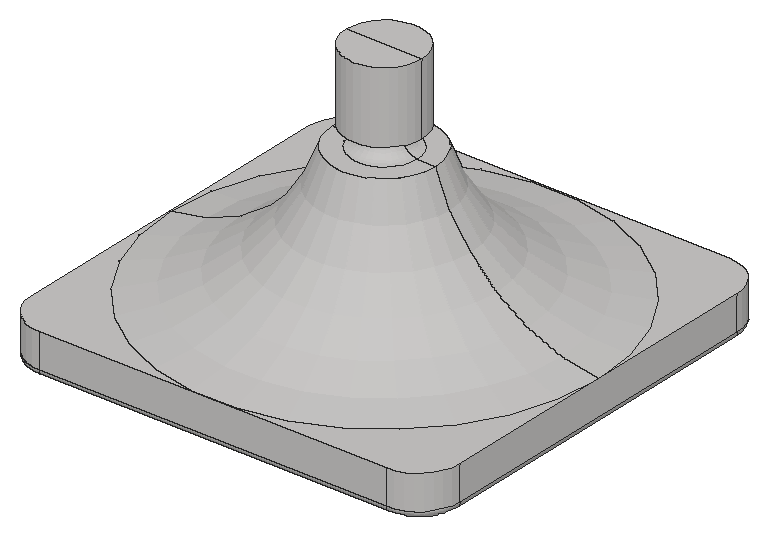
Revit family "S-5001", category Plumbing Fixtures, Revit 2023
Family settings
  Round Connector Dimension = Use Diameter
  Part Type = Normal
  OmniClass Number = 23.45.00.00
  OmniClass Title = Sanitary, Laundry, and Cleaning Equipment
  Work Plane-Based = No
  Enable Cutting in Views = No
  Always vertical = Yes
  Cut with Voids When Loaded = No
  Maintain Annotation Orientation = No
  Shared = No
  Room Calculation Point = No
Parameters
  Default Elevation = 0' - 0"
Reference planes (in)
  plane 1 "Center (Front/Back)": y = 0
  plane 2: z = 0
  plane 3 "Center (Left/Right)": x = 0
  plane 4: y = 2.625
  plane 5: x = -2.625
  plane 6: x = 2.625
  plane 7: z = 3.25
  plane 8: z = 2.125
  plane 9: z = 2.375
  plane 10: z = -0.4375
  plane 11: y = -2.625
Forms (in)
  Extrusion 1, solid, material "Silver finish"
    sketch origin (0, 0, 0) x (1, 0, 0) y (0, 1, 0)
      loop
        circle (-1.38522, 1.09831) r 0.03486
      loop
        circle (-1.45594, 0.90222) r 0.03516
      loop
        circle (-1.4676, 0.69373) r 0.03516
      loop
        circle (-1.4122, 0.49414) r 0.03516
      loop
        circle (-1.0233, 1.09486) r 0.03516
      loop
        circle (-0.98236, 1.298) r 0.03516
      loop
        arc (-0.90908, 1.47684) -> (-0.87495, 1.4417) -> (-0.83883, 1.47479) r 0.03516
        arc (-0.83883, 1.47479) -> (-0.87086, 1.51186) -> (-0.90885, 1.48092) r 0.03516
      loop
        circle (-0.71726, 1.61911) r 0.03516
      loop
        arc (-0.43346, 1.44491) -> (-0.39462, 1.41546) -> (-0.36368, 1.45312) r 0.03516
        arc (-0.36368, 1.45312) -> (-0.4001, 1.48551) -> (-0.43389, 1.45038) r 0.03516
      loop
        circle (-0.26525, 1.61299) r 0.03516
      loop
        circle (-0.08565, 1.71997) r 0.03516
      loop
        arc (0.14903, 1.77624) -> (0.11087, 1.80689) -> (0.07905, 1.76971) r 0.03516
        arc (0.07905, 1.76971) -> (0.11523, 1.73675) -> (0.1493, 1.77189) r 0.03516
      loop
        circle (0.31763, 1.47195) r 0.03516
      loop
        circle (0.51195, 1.55356) r 0.03516
      loop
        circle (0.72014, 1.56889) r 0.03516
      loop
        circle (0.92554, 1.52099) r 0.03516
      loop
        circle (0.96469, 1.15952) r 0.03516
      loop
        circle (1.1732, 1.13777) r 0.03516
      loop
        circle (1.36578, 1.05639) r 0.03516
      loop
        circle (1.52213, 0.9193) r 0.03516
      loop
        circle (1.39238, 0.58351) r 0.03516
      loop
        circle (1.5676, 0.46528) r 0.03516
      loop
        circle (1.69956, 0.30434) r 0.03516
      loop
        circle (1.77373, 0.10965) r 0.03516
      loop
        circle (1.49955, -0.12619) r 0.03516
      loop
        circle (1.60498, -0.31537) r 0.03516
      loop
        circle (1.64378, -0.51841) r 0.03516
      loop
        circle (1.62096, -0.72679) r 0.03516
      loop
        circle (1.26856, -0.80722) r 0.03516
      loop
        circle (1.27197, -1.01412) r 0.03516
      loop
        circle (1.21337, -1.21943) r 0.03516
      loop
        circle (1.0965, -1.38986) r 0.03516
      loop
        circle (0.74304, -1.29884) r 0.03516
      loop
        circle (0.65311, -1.48558) r 0.03516
      loop
        circle (0.5116, -1.63361) r 0.03516
      loop
        circle (0.32429, -1.73759) r 0.03516
      loop
        circle (-0.30962, -1.68317) r 0.03516
      loop
        circle (-0.52352, -1.68475) r 0.03516
      loop
        circle (-1.25016, -1.24374) r 0.03516
      loop
        circle (-1.06061, -1.33546) r 0.03516
      loop
        circle (-0.85316, -1.37551) r 0.03516
      loop
        circle (-0.64722, -1.34824) r 0.03516
      loop
        circle (-1.19575, -0.88635) r 0.03516
      loop
        circle (-1.39593, -0.81685) r 0.03516
      loop
        circle (-1.55961, -0.68998) r 0.03516
      loop
        circle (-1.68551, -0.52351) r 0.03516
      loop
        circle (-1.48127, -0.22585) r 0.03516
      loop
        circle (-1.61764, -0.06729) r 0.03516
      loop
        circle (-1.71139, 0.11916) r 0.03516
      loop
        circle (-1.73359, 0.33164) r 0.03516
      loop
        circle (0.97546, -0.2185) r 0.03399
      loop
        circle (1.02897, -0.83017) r 0.03399
      loop
        circle (1.13876, -0.52855) r 0.03399
      loop
        circle (0.97546, 0.23662) r 0.03399
      loop
        circle (1.30211, -0.30702) r 0.03399
      loop
        circle (1.24451, 0.01967) r 0.03399
      loop
        circle (1.30104, 0.28563) r 0.03399
      loop
        circle (0.77823, 0.62514) r 0.03399
      loop
        circle (1.10365, 0.55597) r 0.03399
      loop
        circle (0.74615, 0.98202) r 0.03399
      loop
        circle (1.03839, 0.83311) r 0.03399
      loop
        circle (0.42111, 0.89799) r 0.03399
      loop
        circle (0.5908, 1.1804) r 0.03399
      loop
        circle (0.25985, 1.21518) r 0.03399
      loop
        circle (-0.00026, 0.98907) r 0.03399
      loop
        circle (-0.00026, 1.31535) r 0.03399
      loop
        circle (-0.42126, 0.89435) r 0.03399
      loop
        circle (-0.29753, 1.18582) r 0.03399
      loop
        circle (-0.54692, 1.20326) r 0.03399
      loop
        circle (-0.77564, 0.60744) r 0.03399
      loop
        circle (-0.77564, 0.94749) r 0.03399
      loop
        circle (-1.02179, 0.83271) r 0.03399
      loop
        circle (-0.96869, 0.22584) r 0.03399
      loop
        circle (-1.09956, 0.54976) r 0.03399
      loop
        circle (-0.9632, -0.22361) r 0.03399
      loop
        circle (-1.28975, 0.31987) r 0.03399
      loop
        circle (-1.23426, 0.00513) r 0.03399
      loop
        circle (-0.76134, -0.62245) r 0.03399
      loop
        circle (-1.27296, -0.2902) r 0.03399
      loop
        circle (-1.09305, -0.53783) r 0.03399
      loop
        circle (-0.4058, -0.888) r 0.03399
      loop
        circle (-1.03793, -0.79916) r 0.03399
      loop
        circle (-0.7461, -0.9745) r 0.03399
      loop
        circle (0.01694, -0.98782) r 0.03399
      loop
        circle (-0.53387, -1.1883) r 0.03399
      loop
        circle (-0.23521, -1.1883) r 0.03399
      loop
        circle (0.44995, -0.88325) r 0.03399
      loop
        circle (0.01426, -1.31894) r 0.03399
      loop
        circle (0.3096, -1.18122) r 0.03399
      loop
        circle (0.79338, -0.62919) r 0.03399
      loop
        circle (0.78947, -0.93498) r 0.03399
      loop
        circle (0.5859, -1.16916) r 0.03399
      loop
        circle (-0.28774, 0.00085) r 0.03399
      loop
        circle (-0.18768, -0.05957) r 0.03399
      loop
        circle (-0.06282, -0.06284) r 0.03399
      loop
        circle (0.22576, -0.13819) r 0.03399
      loop
        circle (0.18927, -0.24788) r 0.03399
      loop
        circle (0.20386, -0.01598) r 0.03399
      loop
        circle (-0.0754, 0.16012) r 0.03399
      loop
        circle (0.02998, 0.23024) r 0.03399
      loop
        circle (0.14572, 0.22466) r 0.03399
    from 0.0085 to 0.0528
  Extrusion 2, solid, material "Default"
    sketch origin (0, 0, 0) x (1, 0, 0) y (0, 1, 0)
      loop
        arc (-0.81781, 0.55881) -> (-0.75454, 0.53471) -> (-0.71039, 0.58605) r 0.0589
        arc (-0.71039, 0.58605) -> (-0.7188, 0.90271) -> (-0.51022, 1.14113) r 0.43505
        arc (-0.51022, 1.14113) -> (-0.47872, 1.22825) -> (-0.56296, 1.26678) r 0.06837
        arc (-0.56296, 1.26678) -> (-0.84591, 0.96878) -> (-0.81781, 0.55881) r 0.51082
      loop
        arc (-0.4883, 0.88009) -> (-0.417, 0.80879) -> (-0.3457, 0.88009) r 0.0713
        arc (-0.3457, 0.88009) -> (-0.24577, 1.13832) -> (0.0075, 1.25025) r 0.36178
        arc (0.0075, 1.25025) -> (0.07607, 1.31386) -> (0.02127, 1.38966) r 0.07056
        arc (0.02127, 1.38966) -> (-0.33905, 1.24041) -> (-0.4883, 0.88009) r 0.50957
      loop
        arc (-0.06651, 1.02574) -> (-0.0303, 0.92475) -> (0.07066, 0.96105) r 0.07583
        arc (0.07066, 0.96105) -> (0.28156, 1.14677) -> (0.561, 1.11704) r 0.34929
        arc (0.561, 1.11704) -> (0.65748, 1.14278) -> (0.63265, 1.23949) r 0.07094
        arc (0.63265, 1.23949) -> (0.23623, 1.28581) -> (-0.06651, 1.02574) r 0.49717
      loop
        arc (0.37812, 0.95663) -> (0.36276, 0.85089) -> (0.4685, 0.83554) r 0.07555
        arc (0.4685, 0.83554) -> (0.73387, 0.9078) -> (0.97716, 0.77953) r 0.37494
        arc (0.97716, 0.77953) -> (1.08619, 0.77242) -> (1.09331, 0.88145) r 0.07726
        arc (1.09331, 0.88145) -> (0.75042, 1.05893) -> (0.37812, 0.95663) r 0.52989
      loop
        arc (0.76507, 0.69714) -> (0.70161, 0.6135) -> (0.78526, 0.55004) r 0.07424
        arc (0.78526, 0.55004) -> (1.06031, 0.50833) -> (1.21837, 0.2794) r 0.35058
        arc (1.21837, 0.2794) -> (1.30537, 0.21568) -> (1.36137, 0.30784) r 0.07317
        arc (1.36137, 0.30784) -> (1.13591, 0.61383) -> (0.76507, 0.69714) r 0.54323
      loop
        arc (0.95139, 0.16238) -> (1.18565, -0.0212) -> (1.2275, -0.31586) r 0.3987
        arc (1.2275, -0.31586) -> (1.29728, -0.38564) -> (1.36706, -0.31586) r 0.06978
        arc (1.36706, -0.31586) -> (1.29845, 0.06664) -> (0.99345, 0.30745) r 0.54794
        arc (0.99345, 0.30745) -> (0.89989, 0.25594) -> (0.95139, 0.16238) r 0.07552
      loop
        arc (1.01869, -0.16124) -> (0.92529, -0.16043) -> (0.90668, -0.25196) r 0.07342
        arc (0.90668, -0.25196) -> (1.06093, -0.51073) -> (0.96385, -0.79592) r 0.35913
        arc (0.96385, -0.79592) -> (0.9855, -0.89015) -> (1.08133, -0.87729) r 0.07176
        arc (1.08133, -0.87729) -> (1.19834, -0.50629) -> (1.01869, -0.16124) r 0.5082
      loop
        arc (0.85539, -0.60544) -> (0.76815, -0.56868) -> (0.73139, -0.65592) r 0.06694
        arc (0.73139, -0.65592) -> (0.7286, -0.91429) -> (0.55112, -1.10208) r 0.35435
        arc (0.55112, -1.10208) -> (0.51669, -1.19954) -> (0.61452, -1.23292) r 0.0727
        arc (0.61452, -1.23292) -> (0.85901, -0.9668) -> (0.85539, -0.60544) r 0.49139
      loop
        arc (0, -1.23294) -> (-0.08034, -1.31328) -> (0, -1.39362) r 0.08034
        arc (0, -1.39362) -> (0.36473, -1.24254) -> (0.5158, -0.87781) r 0.5158
        arc (0.5158, -0.87781) -> (0.4505, -0.80497) -> (0.37098, -0.86196) r 0.07328
        arc (0.37098, -0.86196) -> (0.26232, -1.12428) -> (0, -1.23294) r 0.37098
      loop
        arc (-0.54976, -1.10508) -> (-0.61962, -1.16898) -> (-0.57294, -1.25135) r 0.07597
        arc (-0.57294, -1.25135) -> (-0.20653, -1.26068) -> (0.07646, -1.02774) r 0.52434
        arc (0.07646, -1.02774) -> (0.06009, -0.93619) -> (-0.03292, -0.93715) r 0.07201
        arc (-0.03292, -0.93715) -> (-0.25602, -1.12981) -> (-0.54976, -1.10508) r 0.38015
      loop
        arc (-0.97628, -0.75136) -> (-1.08298, -0.73869) -> (-1.08751, -0.84604) r 0.07324
        arc (-1.08751, -0.84604) -> (-0.73955, -1.04195) -> (-0.35454, -0.93604) r 0.52437
        arc (-0.35454, -0.93604) -> (-0.35657, -0.84401) -> (-0.44818, -0.83501) r 0.06938
        arc (-0.44818, -0.83501) -> (-0.72953, -0.90242) -> (-0.97628, -0.75136) r 0.37842
      loop
        arc (-1.2025, -0.26215) -> (-1.29113, -0.21294) -> (-1.34243, -0.30037) r 0.07255
        arc (-1.34243, -0.30037) -> (-1.11438, -0.61474) -> (-0.73186, -0.6819) r 0.51742
        arc (-0.73186, -0.6819) -> (-0.69199, -0.60824) -> (-0.76061, -0.56021) r 0.06293
        arc (-0.76061, -0.56021) -> (-1.03686, -0.49318) -> (-1.2025, -0.26215) r 0.40851
      loop
        arc (-1.20784, 0.32052) -> (-1.28577, 0.39845) -> (-1.3637, 0.32052) r 0.07793
        arc (-1.3637, 0.32052) -> (-1.28943, -0.05468) -> (-0.99302, -0.2964) r 0.5645
        arc (-0.99302, -0.2964) -> (-0.89349, -0.25136) -> (-0.93414, -0.14995) r 0.079
        arc (-0.93414, -0.14995) -> (-1.15178, 0.03828) -> (-1.20784, 0.32052) r 0.44293
      loop
        arc (-0.90402, 0.26953) -> (-1.02767, 0.53321) -> (-0.94896, 0.81362) r 0.41773
        arc (-0.94896, 0.81362) -> (-0.96544, 0.9066) -> (-1.059, 0.89381) r 0.06813
        arc (-1.059, 0.89381) -> (-1.17476, 0.50724) -> (-0.99364, 0.14666) r 0.54637
        arc (-0.99364, 0.14666) -> (-0.90124, 0.17339) -> (-0.90402, 0.26953) r 0.07853
      loop
        circle (-0.71726, 1.61911) r 0.09055
      loop
        circle (-0.87393, 1.47684) r 0.08817
      loop
        circle (-0.98236, 1.298) r 0.08817
      loop
        circle (-1.0233, 1.09486) r 0.0833
      loop
        circle (-0.39873, 1.45038) r 0.07861
      loop
        circle (-0.26525, 1.61299) r 0.08512
      loop
        circle (-0.08565, 1.71997) r 0.0865
      loop
        circle (0.11414, 1.77189) r 0.09338
      loop
        circle (0.31763, 1.47195) r 0.0844
      loop
        circle (0.51195, 1.55356) r 0.08139
      loop
        circle (0.72014, 1.56889) r 0.08711
      loop
        circle (0.92554, 1.52099) r 0.09415
      loop
        circle (0.96469, 1.15952) r 0.08854
      loop
        circle (1.1732, 1.13777) r 0.08935
      loop
        circle (1.36578, 1.05639) r 0.09441
      loop
        circle (1.52213, 0.9193) r 0.08935
      loop
        circle (1.39238, 0.58351) r 0.0863
      loop
        circle (1.5676, 0.46528) r 0.08527
      loop
        circle (1.69956, 0.30434) r 0.0921
      loop
        circle (1.77373, 0.10965) r 0.09139
      loop
        circle (1.49955, -0.12619) r 0.08753
      loop
        circle (1.60498, -0.31537) r 0.0867
      loop
        circle (1.64378, -0.51841) r 0.08775
      loop
        circle (1.62096, -0.72679) r 0.09695
      loop
        circle (1.26856, -0.80722) r 0.08209
      loop
        circle (1.27197, -1.01412) r 0.0869
      loop
        circle (1.21337, -1.21943) r 0.09293
      loop
        circle (1.0965, -1.38986) r 0.09139
      loop
        circle (0.32429, -1.73759) r 0.10194
      loop
        circle (0.5116, -1.63361) r 0.09381
      loop
        circle (0.65311, -1.48558) r 0.09106
      loop
        circle (0.74304, -1.29884) r 0.085
      loop
        circle (-0.52352, -1.68475) r 0.09461
      loop
        circle (-0.30962, -1.68317) r 0.08808
      loop
        circle (-0.64722, -1.34824) r 0.08518
      loop
        circle (-0.85316, -1.37551) r 0.09064
      loop
        circle (-1.06061, -1.33546) r 0.09474
      loop
        circle (-1.25016, -1.24374) r 0.095
      loop
        circle (-1.19575, -0.88635) r 0.08033
      loop
        circle (-1.39593, -0.81685) r 0.08908
      loop
        circle (-1.55961, -0.68998) r 0.08659
      loop
        circle (-1.68551, -0.52351) r 0.09008
      loop
        circle (-1.48127, -0.22585) r 0.07928
      loop
        circle (-1.61764, -0.06729) r 0.08774
      loop
        circle (-1.71139, 0.11916) r 0.09119
      loop
        circle (-1.73359, 0.33164) r 0.08749
      loop
        circle (-1.4122, 0.49414) r 0.08885
      loop
        circle (-1.4676, 0.69373) r 0.08858
      loop
        circle (-1.45594, 0.90222) r 0.09033
      loop
        circle (-1.38522, 1.09831) r 0.10082
    from 0.0528 to 0.07405
  Extrusion 3, solid, material "Default"
    sketch origin (0, 0, 0) x (1, 0, 0) y (0, 1, 0)
      loop
        circle (0.1891, -0.24949) r 0.04736
      loop
        circle (0.22559, -0.1398) r 0.04736
      loop
        circle (0.20369, -0.0176) r 0.04736
      loop
        circle (0.14333, 0.22638) r 0.04736
      loop
        circle (0.02981, 0.22863) r 0.04736
      loop
        circle (-0.07557, 0.1585) r 0.04736
      loop
        circle (-0.063, -0.06569) r 0.04736
      loop
        circle (-0.18785, -0.06119) r 0.04736
      loop
        circle (-0.28791, -0.00077) r 0.04736
    from 0.04213 to 0.18947
  Extrusion 4, solid, material "Silver finish"
    sketch origin (0, 0, 0) x (1, 0, 0) y (0, 1, 0)
      loop
        arc (-2.125, 2.625) -> (-2.47855, 2.47855) -> (-2.625, 2.125) r 0.5
        line (-2.625, 2.125) -> (-2.625, -2.125)
        arc (-2.625, -2.125) -> (-2.47855, -2.47855) -> (-2.125, -2.625) r 0.5
        line (-2.125, -2.625) -> (2.125, -2.625)
        arc (2.125, -2.625) -> (2.47855, -2.47855) -> (2.625, -2.125) r 0.5
        line (2.625, -2.125) -> (2.625, 2.125)
        arc (2.625, 2.125) -> (2.47855, 2.47855) -> (2.125, 2.625) r 0.5
        line (2.125, 2.625) -> (-2.125, 2.625)
      loop
        circle (0, 0) r 2.18827
    from 0.07405 to 0.4916
  Extrusion 5, solid, material "Silver finish"
    sketch origin (0, 0, 0) x (1, 0, 0) y (0, 1, 0)
      loop
        circle (0, 0) r 2.18827
      loop
        circle (0, 0) r 2.25077
    from 0.06701 to 0.07405
  Revolve 6, solid, material "Silver finish"
    sketch origin (0, 0, 0) x (1, 0, 0) y (0, 0, 1)
      loop
        line (0.63264, 2.125) -> (0.39742, 2.125)
        arc (0.39742, 2.125) -> (0.28818, 2.16298) -> (0.22074, 2.25694) r 0.19148
        arc (0.22074, 2.25694) -> (0.24298, 2.31808) -> (0.27448, 2.375) r 0.41627
        line (0.27448, 2.375) -> (0.46542, 2.375) -> (0.46542, 3.25) -> (0, 3.25) -> (0, 0.4916) -> (2.625, 0.4916)
        arc (2.625, 0.4916) -> (1.37732, 1.00153) -> (0.63264, 2.125) r 2.28991
      axis (0, 3.25) -> (0, 0.4916)
    angle from 0 to 360
  Sweep 7, solid, material "Silver finish"
    path in 3D
      loop
        arc (-2.625, 2.125, 0.07405) -> (-2.47855, 2.47855, 0.07405) -> (-2.125, 2.625, 0.07405) r 0.5
        line (-2.125, 2.625, 0.07405) -> (2.125, 2.625, 0.07405)
        arc (2.125, 2.625, 0.07405) -> (2.47855, 2.47855, 0.07405) -> (2.625, 2.125, 0.07405) r 0.5
        line (2.625, 2.125, 0.07405) -> (2.625, -2.125, 0.07405)
        arc (2.625, -2.125, 0.07405) -> (2.47855, -2.47855, 0.07405) -> (2.125, -2.625, 0.07405) r 0.5
        line (2.125, -2.625, 0.07405) -> (-2.125, -2.625, 0.07405)
        arc (-2.125, -2.625, 0.07405) -> (-2.47855, -2.47855, 0.07405) -> (-2.625, -2.125, 0.07405) r 0.5
        line (-2.625, -2.125, 0.07405) -> (-2.625, 2.125, 0.07405)
    profile origin (-2.625, 0, 0.07405) x (1, 0, 0) y (0, 0, -1)
      loop
        line (0, 0) -> (0.05633, 0) -> (0.05633, 0.07209)
        arc (0.05633, 0.07209) -> (0.01356, 0.04746) -> (0, 0) r 0.06571
  Extrusion 8, solid, material "Silver finish"
    sketch origin (0, 0, 0) x (1, 0, 0) y (0, 1, 0)
      loop
        circle (0, 0) r 2.18827
      loop
        circle (0, 0) r 0.367
      loop
        circle (0, 0) r 0.5
    from 0.07405 to 0.4916
  Extrusion 9, solid, material "Silver finish"
    sketch origin (0, 0, 0) x (1, 0, 0) y (0, 0, 1)
      loop
        line (1.69215, 0.09149) -> (1.59873, 0.09149) -> (1.76926, -0.37705)
        arc (1.76926, -0.37705) -> (1.81179, -0.42939) -> (1.87467, -0.45375) r 0.13146
        line (1.87467, -0.45375) -> (2.02742, -0.45375)
        arc (2.02742, -0.45375) -> (2.08832, -0.43471) -> (2.13134, -0.3876) r 0.12233
        line (2.13134, -0.3876) -> (2.16603, 0.09149) -> (1.69215, 0.09149)
    from 0.00433 to 0.09013
Lines and regions (in)
  sketch lines
    curve 1: line (-2.625, -2.125, 0.07405) -> (-2.625, 2.125, 0.07405)
    curve 2: arc (-2.625, -2.125, 0.07405) -> (-2.47855, -2.47855, 0.07405) -> (-2.125, -2.625, 0.07405) r 0.5
    curve 3: line (2.125, -2.625, 0.07405) -> (-2.125, -2.625, 0.07405)
    curve 4: arc (2.125, -2.625, 0.07405) -> (2.47855, -2.47855, 0.07405) -> (2.625, -2.125, 0.07405) r 0.5
    curve 5: line (2.625, 2.125, 0.07405) -> (2.625, -2.125, 0.07405)
    curve 6: arc (2.625, 2.125, 0.07405) -> (2.47855, 2.47855, 0.07405) -> (2.125, 2.625, 0.07405) r 0.5
    curve 7: line (-2.125, 2.625, 0.07405) -> (2.125, 2.625, 0.07405)
    curve 8: arc (-2.125, 2.625, 0.07405) -> (-2.47855, 2.47855, 0.07405) -> (-2.625, 2.125, 0.07405) r 0.5
Dimensions and locks (in)
  plane 7 to plane 2 = 0' - 3 1/4"  (x2)
  plane 8 to level = 0' - 2 1/8"
  plane 7 to plane 9 = 0' - 0 7/8"  (x2)
  plane 7 to plane 10 = 0' - 3 11/16"  (x2)
  level to plane 8 = 0' - 2 1/8"
  Revolve 6 to level = 0' - 2 1/8"
  plane 5 to plane 6 = 0' - 5 1/4"
  plane 4 to plane 11 = 0' - 5 1/4"
  plane 4 to plane 1 "Center (Front/Back)" = 0' - 2 5/8"
  plane 11 to plane 1 "Center (Front/Back)" = 0' - 2 5/8"
  plane 5 to plane 3 "Center (Left/Right)" = 0' - 2 5/8"
  plane 3 "Center (Left/Right)" to plane 6 = 0' - 2 5/8"
  aligned and locked: level to plane 2
